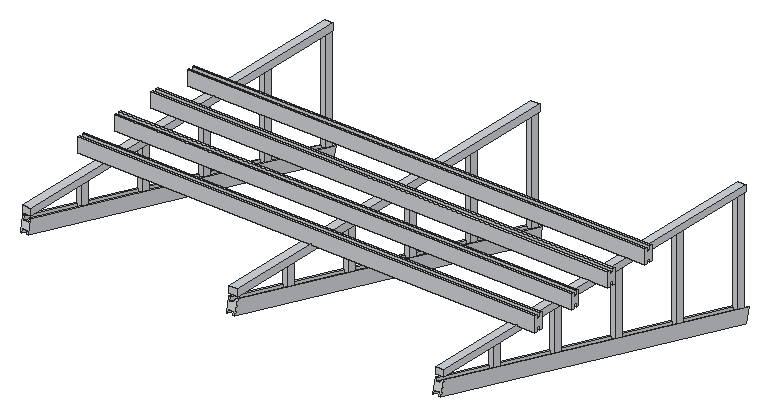
Revit family "Monkey Toe Skeletal Mesh Platform (Customisable)", category Mechanical Equipment, host Roof, Revit 2015
Parameters (values of type "Skeletal Plant Platform 2500mm wide with 4x Top Rails")
  URL = "http://www.monkeytoe.co.nz/products/skeletal-plant-platforms"
  Top Rail 5 Position [instance] = 1800 mm
  Top Rail 5 [instance] = no
  Top Rail 4 Position [instance] = 1500 mm
  Top Rail 4 [instance] = yes
  Top Rail 3 Position [instance] = 1200 mm
  Top Rail 3 [instance] = yes
  Top Rail 2 Position [instance] = 900 mm
  Top Rail 2 [instance] = yes
  Top Rail 1 Position [instance] = 600 mm
  Top Rail 1 [instance] = yes
  S1 = yes
  Roof Pitch [instance] = 15.00°
  Roof Thickness [instance] = 219 mm
  Roof Slope [instance] = if(Roof Pitch < 0.00°, 0.00°, if(Roof Pitch > 89.00°, 89.00°, Roof Pitch))  # 15.00°
  Width [instance] = 2500 mm
  Panel Offset [instance] = ((rounddown(Width / 710 mm) * 1 mm) * 710) / 2  # 1065 mm
  Model = "SPP25 SKELETAL PLANT PLATFORM 2500MM WIDE WITH 4X TOP RAILS"
  Manufacturer = "Monkey Toe Systems Limited"  # constant formula
  Length Logic Step 2 [instance] = ((roundup((Length Logic Step 1 - 3000 mm) / 600 mm) * 600 mm)) + 3000 mm  # 3000 mm
  Length Logic Step 1 [instance] = if(Length < 3000 mm, 3000 mm, Length)  # 3000 mm
  Horizontal Offset 1 [instance] = 53 mm / 2  # 26.5 mm
  Total Support Frames [instance] = 3
  Length [instance] = 3000 mm
  Vertical Offset 1 [instance] = (90 mm / cos(Roof Slope)) + 43 mm + 15 mm  # 151.175 mm
  Half Width [instance] = Width / 2  # 1250 mm
Types (3, lengths in mm): name | Top Rail 5 | Top Rail 4 | Roof Pitch | Roof Slope | Width | Panel Offset | Model | Vertical Offset 1 | Half Width
  Skeletal Plant Platform 1500mm wide with 3x Top Rails | no | no | 5.00° | 5.00° | 1500 | 710 | "SPP15 SKELETAL PLANT PLATFORM 1500MM WIDE WITH 3X TOP RAILS" | 148.344 | 750
  Skeletal Plant Platform 2500mm wide with 4x Top Rails | no | yes | 15.00° | 15.00° | 2500 | 1065 | "SPP25 SKELETAL PLANT PLATFORM 2500MM WIDE WITH 4X TOP RAILS" | 151.175 | 1250
  Skeletal Plant Platform 3500mm wide with 5x Top Rails | yes | yes | 15.00° | 15.00° | 3500 | 1420 | "SPP35 SKELETAL PLANT PLATFORM 3500MM WIDE WITH 5X TOP RAILS" | 151.175 | 1750
Reference planes
  plane 1 "Center (Front/Back)": y = 0
  plane 2 "Roof": z = 4000
  plane 3 "Center (Left/Right)": x = 0
  plane 4: y = -178
  plane 5: x = -148
  plane 6: y = 2322
  plane 7: z = 4303.575
  plane 8: z = 4152.4
  plane 9: z = 3621.063
  plane 10: y = 1072
  plane 11: y = 7
  plane 12: y = 2137
  plane 13: x = -2852
  plane 14: x = -3000
Dimensions and locks
  equal spacing: host sketch curve, plane 3 "Center (Left/Right)", host sketch curve
  equal spacing: host sketch curve, plane 1 "Center (Front/Back)", host sketch curve
  locked: plane 5 to plane 3 "Center (Left/Right)" at 148
  "Width": plane 4 to plane 6
  "Vertical Offset 1": plane 7 to host roof
  plane 8 to level = 152.4 mm
  "Half Width": plane 6 to plane 10
  "Panel Offset": plane 10 to plane 11
  "Panel Offset": plane 12 to plane 10
  equal spacing: group 2, group 3, group 1  (x2)
  equal spacing: group 1, group 3, group 2
  "Length Logic Step 2": plane 14 to plane 3 "Center (Left/Right)"
  locked: plane 14 to plane 13 at 148
  "Top Rail 1 Position": plane 4 to nested 4
  "Top Rail 2 Position": plane 4 to nested 5
  "Top Rail 3 Position": plane 4 to nested 6
  "Top Rail 4 Position": plane 4 to nested 7
  "Top Rail 5 Position": plane 4 to nested 8
  aligned and locked: level to plane 2 "Roof"
  aligned and locked: plane 4 to nested 1
  aligned and locked: nested 1 to plane 7
  aligned and locked: plane 5 to nested 1
  aligned and locked: plane 13 to nested 2
  aligned and locked: nested 4 to plane 3 "Center (Left/Right)"
  aligned and locked: plane 7 to nested 4
  aligned and locked: plane 7 to nested 5
  aligned and locked: plane 7 to nested 6
  aligned and locked: plane 7 to nested 7
  aligned and locked: plane 7 to nested 8
  aligned and locked: nested 5 to plane 3 "Center (Left/Right)"
  aligned and locked: nested 6 to plane 3 "Center (Left/Right)"
  aligned and locked: nested 7 to plane 3 "Center (Left/Right)"
  aligned and locked: nested 8 to plane 3 "Center (Left/Right)"
  aligned and locked: nested 3 to plane 7
Nested families
  nested 1: "Sticks" at (-121.5, -201.294, 4157.575) x (-1, 0, 0) z (0, 0, 1), type "Sticks"
    with V5 183.975 mm, V4 317.949 mm, V3 451.924 mm, V2 585.898 mm, V1 719.873 mm, Total Length 2588.19 mm, Overall Length 2500 mm, Length 2588.19 mm
  nested 2: "Sticks" at (-2825.5, -201.294, 4157.575) x (-1, 0, 0) z (0, 0, 1), type "Sticks"
    with V5 183.975 mm, V4 317.949 mm, V3 451.924 mm, V2 585.898 mm, V1 719.873 mm, Total Length 2588.19 mm, Overall Length 2500 mm, Length 2588.19 mm
  nested 3: "Sticks" at (-1473.5, -201.294, 4157.575) x (-1, 0, 0) z (0, 0, 1), type "Sticks"
    with V5 183.975 mm, V4 317.949 mm, V3 451.924 mm, V2 585.898 mm, V1 719.873 mm, Total Length 2588.19 mm, Overall Length 2500 mm, Length 2588.19 mm
  nested 4: "Family4" at (0, 422, 4303.575) x (-1, 0, 0) z (0, 0, 1), visible <- "Top Rail 1", type "Rail 1"
    with Length 3000 mm
  nested 5: "Family4" at (0, 722, 4303.575) x (-1, 0, 0) z (0, 0, 1), visible <- "Top Rail 2", type "Rail 2"
    with Length 3000 mm
  nested 6: "Family4" at (0, 1022, 4303.575) x (-1, 0, 0) z (0, 0, 1), visible <- "Top Rail 3", type "Rail 3"
    with Length 3000 mm
  nested 7: "Family4" at (0, 1322, 4303.575) x (-1, 0, 0) z (0, 0, 1), visible <- "Top Rail 4", type "Rail 4"
    with Length 3000 mm
  nested 8: "Family4" at (0, 1622, 4303.575) x (-1, 0, 0) z (0, 0, 1), visible <- "Top Rail 5", type "Rail 5"
    with Length 3000 mm
Definition of nested family "Sticks"
  Parameters (values of type "Sticks")
    VO = 50 mm  # constant formula
    V5 = tan(Radius) * (Overall Length * (1 / 5)) + VO  # 323.308 mm
    V4 = tan(Radius) * (Overall Length * (2 / 5)) + VO  # 596.616 mm
    V3 = tan(Radius) * (Overall Length * (3 / 5)) + VO  # 869.925 mm
    V2 = tan(Radius) * (Overall Length * (4 / 5)) + VO  # 1143.233 mm
    V1 = tan(Radius) * (Overall Length * (5 / 5)) + VO  # 1416.541 mm
    Total Length = (Overall Length / 1) / (cos(Radius))  # 5279.909 mm
    Radius = 15.00°
    Overall Length = 5100 mm
    Offset = 0 mm
    Main Level Offset = sin(Radius) * 90 mm  # 23.294 mm
    Length = Total Length - Offset  # 5279.909 mm
    Floor Level = 146 mm
    Extension Length = 0 mm  # constant formula
  Reference planes
    plane 1 "Center (Front/Back)": y = 0
    plane 2: z = 0
    plane 3 "Center (Left/Right)": x = 0
    plane 4: y = -5100
    plane 5: z = 146
    plane 6: y = -23.294
    plane 7: y = -4080
    plane 8: y = -3060
    plane 9: y = -2040
    plane 10: y = -1020
    plane 11: z = 103
    plane 12: x = 53
    plane 13: x = 26.5
  Forms (mm)
    Sweep 1, solid
      path in 3D
        loop
          line (0, 0, 0) -> (0, -5100, -1366.541)
      profile origin (0, -2550, -683.27) x (0, 0.258819, -0.965926) y (1, 0, 0)
        loop
          line (0, 53) -> (-90, 53) -> (-90, 42) -> (-70, 42) -> (-70, 11) -> (-90, 11) -> (-90, 0) -> (0, 0) -> (0, 11) -> (-20, 11) -> (-20, 42) -> (0, 42) -> (0, 53)
    Extrusion 2, solid
      sketch origin (0, 0, 0) x (1, 0, 0) y (0, 0, 1)
        loop
          line (0, 146) -> (0, 103) -> (53, 103) -> (53, 146) -> (0, 146)
      from 23.294 to 5100
  Lines and regions (mm)
    model lines
      curve 1: line (0, 0, 0) -> (0, -5100, -1366.541)
    sketch lines
      curve 2: line (0, 0, 0) -> (0, -5100, -1366.541)
    reference lines
      curve 3: line (26.5, 0, 0) -> (26.5, -5300, 0)
  Dimensions and locks
    "Overall Length": plane 1 "Center (Front/Back)" to plane 4
    "Floor Level": plane 5 to level
    locked: Extrusion 2 sketch curve to Extrusion 2 sketch curve at 43
    "Main Level Offset": plane 1 "Center (Front/Back)" to plane 6
    "Total Length": curve 1 to curve 1
    equal spacing: plane 4, plane 7, plane 8, plane 9, plane 10, plane 1 "Center (Front/Back)"
    equal spacing: plane 12, plane 13, plane 3 "Center (Left/Right)"
    "Radius": angle curve 1 to plane 2
    aligned and locked: level to plane 2
    aligned and locked: plane 1 "Center (Front/Back)" to curve 1
    aligned and locked: plane 3 "Center (Left/Right)" to Extrusion 2 sketch curve
    aligned and locked: Extrusion 2 sketch curve to Sweep 1
    aligned and locked: Extrusion 2 sketch curve to plane 5
    aligned and locked: plane 6 to Extrusion 2
    aligned and locked: Extrusion 2 to plane 4
    aligned and locked: nested 1 to plane 4
    aligned and locked: nested 2 to plane 7
    aligned and locked: nested 3 to plane 8
    aligned and locked: nested 4 to plane 9
    aligned and locked: nested 5 to plane 10
    aligned and locked: plane 11 to Extrusion 2
    aligned and locked: plane 11 to nested 5
    aligned and locked: plane 11 to nested 4
    aligned and locked: plane 11 to nested 3
    aligned and locked: plane 11 to nested 2
    aligned and locked: plane 11 to nested 1
    aligned and locked: plane 12 to Sweep 1
    aligned and locked: curve 3 to plane 13
  Automatic sketch dimensions
    Sweep 1 sketch curve to profile plane = 0 mm  (x3)
    profile plane to Sweep 1 sketch curve = 20 mm
    Sweep 1 sketch curve to Sweep 1 sketch curve = 50 mm
    Sweep 1 sketch curve to Sweep 1 sketch curve = 20 mm  (x2)
    profile plane to Sweep 1 sketch curve = 11 mm  (x2)
    Sweep 1 sketch curve to Sweep 1 sketch curve = 31 mm  (x2)
    Sweep 1 sketch curve to Sweep 1 sketch curve = 11 mm
    plane 1 "Center (Front/Back)" to curve 3 = 0 mm
    curve 3 to plane 4 = 200 mm
    curve 1 to level = 0 mm
  Nested families
    nested 1: "Family4" at (11, -5100, -1313.541), type "Family4"
      with Width 31 mm, Height 1416.541 mm, Depth 50 mm
    nested 2: "Family4" at (11, -4080, -1040.233), type "Family4 2"
      with Width 31 mm, Height 1143.233 mm, Depth 50 mm
    nested 3: "Family4" at (11, -3060, -766.925), type "Family4 2 2"
      with Width 31 mm, Height 869.925 mm, Depth 50 mm
    nested 4: "Family4" at (11, -2040, -493.616), type "Family4 2 2 2"
      with Width 31 mm, Height 596.616 mm, Depth 50 mm
    nested 5: "Family4" at (11, -1020, -220.308), type "Family4 2 2 2 2"
      with Width 31 mm, Height 323.308 mm, Depth 50 mm
  Definition of nested family "Family4"
    Parameters (values of type "Family4")
      Width = 1100 mm
      Height = 4000 mm
      Depth = 900 mm
    Reference planes
      plane 1 "Center (Front/Back)": y = 0
      plane 2: z = 0
      plane 3 "Center (Left/Right)": x = 0
      plane 4: z = 4000
      plane 5: x = 1100
      plane 6: y = 900
    Forms (mm)
      Extrusion 1, solid
        sketch origin (0, 0, 0) x (1, 0, 0) y (0, 1, 0)
          loop
            line (0, 0) -> (1100, 0) -> (1100, 900) -> (0, 900) -> (0, 0)
        from 0 to 4000
    Dimensions and locks
      "Height": plane 4 to plane 2
      "Width": plane 3 "Center (Left/Right)" to plane 5
      "Depth": plane 1 "Center (Front/Back)" to plane 6
      plane 3 "Center (Left/Right)" to Extrusion 1 = 1100 mm
      aligned and locked: level to plane 2
      aligned and locked: plane 6 to Extrusion 1
      aligned and locked: plane 5 to Extrusion 1
      aligned and locked: plane 4 to Extrusion 1
    Automatic sketch dimensions
      Extrusion 1 sketch curve to plane 3 "Center (Left/Right)" = 0 mm
      plane 1 "Center (Front/Back)" to Extrusion 1 sketch curve = 0 mm
      plane 3 "Center (Left/Right)" to Extrusion 1 sketch curve = 1100 mm
      Extrusion 1 sketch curve to plane 1 "Center (Front/Back)" = 900 mm
Definition of nested family "Family4"
  Parameters (values of type "Family4")
    Length = 1100 mm
  Reference planes
    plane 1 "Center (Front/Back)": y = 0
    plane 2: z = 0
    plane 3 "Center (Left/Right)": x = 0
    plane 4: z = 95
    plane 5: y = -53
    plane 6: x = 1100
  Forms (mm)
    Extrusion 1, solid
      sketch origin (0, 0, 0) x (0, 1, 0) y (0, 0, 1)
        loop
          line (0, 95) -> (-14, 95) -> (-14, 73) -> (-39, 73) -> (-39, 95) -> (-53, 95) -> (-53, 0) -> (-39, 0) -> (-39, 22) -> (-14, 22) -> (-14, 0) -> (0, 0) -> (0, 95)
      from 0 to 1100
  Dimensions and locks
    plane 1 "Center (Front/Back)" to plane 5 = 53 mm
    locked: Extrusion 1 sketch curve to Extrusion 1 sketch curve at 14  (x4)
    plane 4 to plane 2 = 95 mm
    locked: plane 2 to Extrusion 1 sketch curve at 22
    locked: plane 4 to Extrusion 1 sketch curve at 22
    "Length": plane 3 "Center (Left/Right)" to plane 6
    aligned and locked: level to plane 2
    aligned and locked: plane 1 "Center (Front/Back)" to Extrusion 1 sketch curve
    aligned and locked: Extrusion 1 sketch curve to plane 4  (x2)
    aligned and locked: Extrusion 1 sketch curve to plane 5
    aligned and locked: level to Extrusion 1 sketch curve  (x2)
    aligned and locked: plane 6 to Extrusion 1
